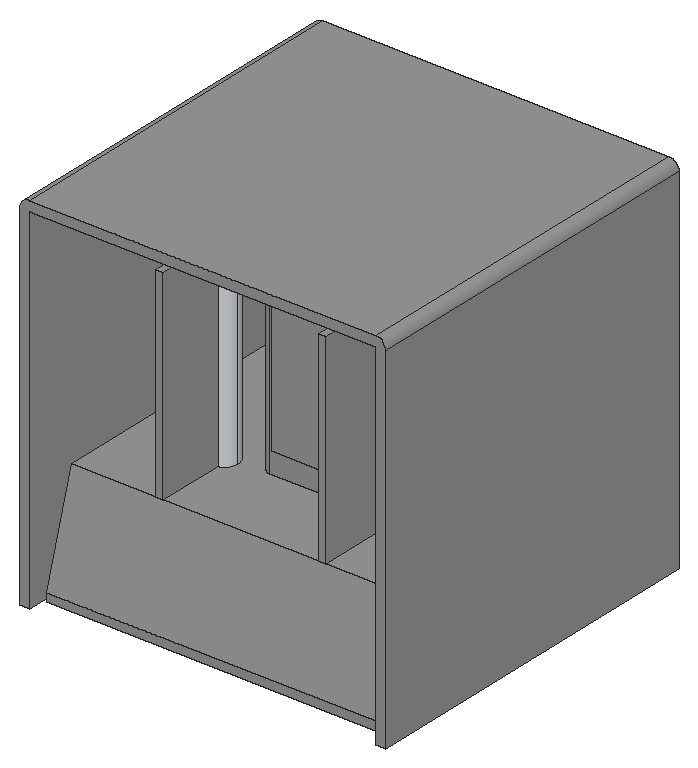
Revit family "0047136", category Lighting Fixtures, host Face, Revit 2018
Family settings
  Host = Face
  Round Connector Dimension = Use Diameter
  Part Type = Normal
  OmniClass Number = 23.80.70.00
  OmniClass Title = Lighting
  Cut with Voids When Loaded = No
  Light Source = Yes
  Shared = No
  Room Calculation Point = No
Parameters (values of type "0047136 ST SRF WLL C IP54 2X140LM 2CCT BLK")
  Width = 108 mm
  Weight = "n/a"
  Wattage Comments = ""
  Wattage = 9.2903 W
  WarrantyStartDate [instance] = "n/a"
  WarrantyGuarantorParts = "n/a"
  WarrantyDurationUnit = "n/a"
  WarrantyDurationParts = ""
  WarrantyDescription = "http://www.sylvania-lighting.com"
  built-in parameter 1150110 = 1 (stored number, unit not read)
  Voltage = 0 V
  URL = "0.66"
  TypeName = "START Surface Wall Cube IP54 2x140lm 2CCT Black"
  Type Image = <None>
  Type Comments = "n/a"
  built-in parameter 1114217 = 1 (stored number, unit not read)
  Tilt Angle = 60.00°
  built-in parameter 1150109 = 1 (stored number, unit not read)
  built-in parameter 1150134 = 3
  built-in parameter 1150113 = 1 (stored number, unit not read)
  SerialNumber [instance] = "n/a"
  Photometric Web File = "0047136.IES"
  Material_3_SYL = none
  PowerFactor = 0
  PowerConsumption = "Lighting"
  NominalLength = 108 mm
  NominalHeight = 0 mm
  NominalDepth = 0 mm
  Name = "START Surface Wall Cube IP54 2x140lm 2CCT Black"
  ModelReference = Name  # "START Surface Wall Cube IP54 2x140lm 2CCT Black"
  ModelNumber = "0047136"
  Model = Name  # "START Surface Wall Cube IP54 2x140lm 2CCT Black"
  Material = "Feilo Sylvania"
  ManufacturerName = "48 lm/W"
  Manufacturer = ""
  LuminousEfficacy = ""
  built-in parameter 1150105 = 109.82 (stored number, unit not read)
  Lumens = 1380 lm
  LuminaireType = "0"
  built-in parameter 1150115 = 1 (stored number, unit not read)
  LightOutputRatio = "LED"
  built-in parameter 1150137 = (empty or 0)
  built-in parameter 1150139 = (empty or 0)
  Length = 108 mm
  LampsType = Lamp  # "n/a"
  LampNominalLuminous = "Not Applicable K"
  LampMacAdamStep = "80"
  LampColourTemperature = "LED"
  LampColourRenderingIndex = "16500"
  built-in parameter 1150112 = 1 (stored number, unit not read)
  built-in parameter 1150114 = 1 (stored number, unit not read)
  Lamp = "n/a"
  Keynote = "n/a"
  InstallationDate [instance] = "n/a"
  InputVoltage = "0"
  InputNominalFrequency = "Not Applicable"
  built-in parameter 1150132 = (empty or 0)
  built-in parameter 1150102 = (empty or 0)
  built-in parameter 1150107 = 3200 (stored number, unit not read)
  built-in parameter 1150138 = (empty or 0)
  IngressProtection = "IfcLightFixtureType"
  ImpactProtectionIndex = "IfcLightFixtureType"
  built-in parameter 1150106 = 1.0982 (stored number, unit not read)
  IfcExportType = "IfcLightFixtureType"
  IfcExportAs = "Class I"
  Height = 108 mm
  Emit from Circle Diameter = 609.6 mm
  Emit Shape Visible in Rendering = no
  ElectricShockClassification = "48"
  built-in parameter 1150104 = 13.8 (stored number, unit not read)
  DocumentationLiterature = "http://www.sylvania-lighting.com/product/en-int/products/0047136"
  DimmingControlOptions = "n/a"
  Material_2_SYL = none
  Dimming Lamp Color Temperature Shift = <None>
  Description = "Exterior adjustable surface wall up and down light luminaire, black aluminium - RAL9005, 280lm, 5.8W, 48lm/W, 3000/4000K switchable CCT, CRI 80, IP54, IK05, 108x108x108mm, Class I"
  Default Elevation = 1219.2 mm
  CreatedOn = "15/07/2022"
  CreatedBy = "@sylvania-lighting.com"
  Cost = 0
  Color Filter = 16777215
  built-in parameter 1114216 [instance] = (empty or 0)
  ClassificationValue = "EF_70_80"
  ClassificationName = "Uniclass2015"
  Material_1_SYL = none
  BarCode [instance] = "n/a"
  built-in parameter 1114218 = 1 (stored number, unit not read)
  built-in parameter 1150133 = 10 (stored number, unit not read)
  AssetType = "Fixed"
  AssetIdentifier [instance] = "n/a"
  Assembly Code = "D5020200"
  Apparent Load = 5.8 VA
  Material_4_SYL = Glass, White, High Luminance
Reference planes
  plane 1 "Center (Front/Back)": y = 0
  plane 2: z = 0
  plane 3 "Center (Left/Right)": x = 0
  plane 4: y = 54
  plane 5: y = -54
  plane 6: x = -54
  plane 7: x = 54
  plane 8: z = 108
  plane 9: z = 105
  plane 10: x = -51
  plane 11: x = 51
  plane 12: y = 49
  plane 13: y = -49
  plane 14: z = 2.5
  plane 15: y = 40
  plane 16: y = -40
  plane 17: z = 32.5
  plane 18: x = -50
  plane 19: x = 50
  plane 20: y = 15
  plane 21: y = -15
  plane 22: x = -18
  plane 23: x = 18
  plane 24: x = -12.5
  plane 25: x = 12.5
  plane 26: z = 92.5
  plane 27: x = -39
  plane 28: x = 39
  plane 29: y = 35
  plane 30: y = -35
  plane 31: z = 39.5
  plane 32: z = 89.5
  plane 33: x = 10
  plane 34: x = -10
  plane 35: x = 24
  plane 36: x = -24
  plane 37: y = 10
  plane 38: x = 25
  plane 39: x = 23
  plane 40: y = 14
  plane 41: x = -25
  plane 42: x = -23
Forms (mm)
  Extrusion 1, solid, material "Aluminum"
    sketch origin (0, 0, 0) x (1, 0, 0) y (0, 0, 1)
      loop
        line (-54, 0) -> (-51, 0) -> (-51, 105) -> (51, 105) -> (51, 0) -> (54, 0) -> (54, 105)
        arc (54, 105) -> (53.121, 107.121) -> (51, 108) r 3
        line (51, 108) -> (-51, 108)
        arc (-51, 108) -> (-53.121, 107.121) -> (-54, 105) r 3
        line (-54, 105) -> (-54, 0)
    from -54 to 54
  Extrusion 2, solid, material "Aluminum"
    sketch origin (319, 1524, 1219.2) x (0, 1, 0) y (0, 0, 1)
      loop
        line (-1475, -1219.2) -> (-1475, -1216.7) -> (-1484, -1186.7) -> (-1564, -1186.7) -> (-1573, -1216.7) -> (-1573, -1219.2) -> (-1475, -1219.2)
    from -369 to -269
  Extrusion 3, solid, material "Aluminum"
    sketch origin (0, 0, 0) x (1, 0, 0) y (0, 1, 0)
      loop
        arc (-13.129, -14.224) -> (-12.427, -14.796) -> (-11.545, -15) r 2.006
        line (-11.545, -15) -> (11.566, -15)
        arc (11.566, -15) -> (12.428, -14.8) -> (13.115, -14.242) r 1.963
        arc (13.115, -14.242) -> (18, -0.01) -> (13.128, 14.226) r 23.205
        arc (13.128, 14.226) -> (12.427, 14.796) -> (11.547, 15) r 2
        line (11.547, 15) -> (-11.557, 15)
        arc (-11.557, 15) -> (-12.428, 14.798) -> (-13.121, 14.234) r 1.981
        arc (-13.121, 14.234) -> (-18, 0.007) -> (-13.129, -14.224) r 23.205
    from 32.5 to 92.5
  Extrusion 4, solid, material "Aluminum"
    sketch origin (0, 0, 0) x (1, 0, 0) y (0, 1, 0)
      loop
        arc (-38.044, 35) -> (-38.72, 34.72) -> (-39, 34.044) r 0.956
        line (-39, 34.044) -> (-39, -34.021)
        arc (-39, -34.021) -> (-38.713, -34.713) -> (-38.021, -35) r 0.979
        line (-38.021, -35) -> (38.04, -35)
        arc (38.04, -35) -> (38.719, -34.719) -> (39, -34.04) r 0.96
        line (39, -34.04) -> (39, 34.048)
        arc (39, 34.048) -> (38.721, 34.721) -> (38.048, 35) r 0.952
        line (38.048, 35) -> (-38.044, 35)
    from 92.5 to 95.5
  Extrusion 5, solid, material "Glass, White, High Luminance"
    sketch origin (0, 0, 0) x (1, 0, 0) y (0, 0, 1)
      loop
        line (-10, 89.5) -> (-10, 39.5) -> (10, 39.5) -> (10, 89.5) -> (-10, 89.5)
    from 15 to 16
  Extrusion 6, solid, material "Glass, White, High Luminance"
    sketch origin (1.276, 31, 0) x (1, 0, 0) y (0, 0, 1)
      loop
        line (-11.276, 89.5) -> (-11.276, 39.5) -> (8.724, 39.5) -> (8.724, 89.5) -> (-11.276, 89.5)
    from 15 to 16
  Extrusion 7, solid, material "Aluminum"
    sketch origin (0, 0, 0) x (1, 0, 0) y (0, 1, 0)
      loop
        line (25, 14) -> (25, 40) -> (23, 40) -> (23, 14) -> (25, 14)
    from 32.5 to 92.5
  Extrusion 8, solid
    sketch origin (0, 0, 0) x (1, 0, 0) y (0, 1, 0)
      loop
        circle (24, 14) r 4
    from 32.5 to 92.5
  Extrusion 9, solid
    sketch origin (-48, 0, 0) x (1, 0, 0) y (0, 1, 0)
      loop
        circle (24, 14) r 4
    from 32.5 to 92.5
  Extrusion 10, solid, material "Aluminum"
    sketch origin (-48, 0, 0) x (1, 0, 0) y (0, 1, 0)
      loop
        line (25, 14) -> (25, 40) -> (23, 40) -> (23, 14) -> (25, 14)
    from 32.5 to 92.5
  Extrusion 11, solid
    sketch origin (-48, -30, 0) x (1, 0, 0) y (0, 1, 0)
      loop
        circle (24, 14) r 4
    from 32.5 to 92.5
  Extrusion 12, solid
    sketch origin (0, -30, 0) x (1, 0, 0) y (0, 1, 0)
      loop
        circle (24, 14) r 4
    from 32.5 to 92.5
  Extrusion 13, solid, material "Aluminum"
    sketch origin (-48.306, -54, 0) x (1, 0, 0) y (0, 1, 0)
      loop
        line (25.306, 14) -> (25.306, 40) -> (23.306, 40) -> (23.306, 14) -> (25.306, 14)
    from 32.5 to 92.5
  Extrusion 14, solid, material "Aluminum"
    sketch origin (-0.306, -54, 0) x (1, 0, 0) y (0, 1, 0)
      loop
        line (25.306, 14) -> (25.306, 40) -> (23.306, 40) -> (23.306, 14) -> (25.306, 14)
    from 32.5 to 92.5
Dimensions and locks
  "Width": plane 4 to plane 5
  equal spacing: plane 4, plane 1 "Center (Front/Back)", plane 5
  equal spacing: plane 6, plane 3 "Center (Left/Right)", plane 7
  "Length": plane 6 to plane 7
  "Height": plane 8 to level
  aligned and locked: plane 2 to host face
  aligned and locked: level to host face
Automatic sketch dimensions
  host sketch curve to host sketch curve = 2438.4 mm  (x2)
  Extrusion 1 sketch curve to level = 0 mm  (x2)
  Extrusion 1 sketch curve to plane 6 = 0 mm
  Extrusion 1 sketch curve to plane 8 = 0 mm
  Extrusion 1 sketch curve to plane 10 = 0 mm  (x2)
  Extrusion 1 sketch curve to plane 9 = 0 mm
  Extrusion 1 sketch curve to plane 11 = 0 mm  (x2)
  Extrusion 1 sketch curve to plane 7 = 0 mm
  Extrusion 2 sketch curve to level = 0 mm
  Extrusion 2 sketch curve to plane 13 = 0 mm
  Extrusion 2 sketch curve to plane 16 = 0 mm
  Extrusion 2 sketch curve to plane 15 = 0 mm
  Extrusion 2 sketch curve to plane 12 = 0 mm
  Extrusion 2 sketch curve to plane 14 = 0 mm  (x2)
  Extrusion 2 sketch curve to plane 17 = 0 mm
  Extrusion 3 sketch curve to plane 20 = 0 mm
  Extrusion 3 sketch curve to plane 21 = 0 mm
  plane 1 "Center (Front/Back)" to Extrusion 3 sketch curve = 0 mm  (x2)
  plane 24 to Extrusion 3 sketch curve = 0.943 mm
  plane 24 to Extrusion 3 sketch curve = 0.955 mm
  plane 34 to Extrusion 3 sketch curve = 4.795 mm
  Extrusion 3 sketch curve to plane 33 = 4.795 mm
  Extrusion 3 sketch curve to plane 25 = 0.953 mm
  Extrusion 3 sketch curve to plane 25 = 0.934 mm
  Extrusion 3 sketch curve to Extrusion 3 sketch curve = 1.963 mm
  Extrusion 3 sketch curve to Extrusion 3 sketch curve = 2.006 mm
  Extrusion 3 sketch curve to plane 40 = 1 mm
  Extrusion 3 sketch curve to plane 40 = 0.981 mm
  Extrusion 3 sketch curve to Extrusion 3 sketch curve = 0 mm  (x2)
  Extrusion 4 sketch curve to plane 27 = 0 mm
  Extrusion 4 sketch curve to plane 29 = 0 mm
  Extrusion 4 sketch curve to plane 30 = 0 mm
  Extrusion 4 sketch curve to plane 28 = 0 mm
  Extrusion 4 sketch curve to Extrusion 4 sketch curve = 0.956 mm
  Extrusion 4 sketch curve to Extrusion 4 sketch curve = 0.979 mm
  Extrusion 4 sketch curve to plane 28 = 0.96 mm
  Extrusion 4 sketch curve to Extrusion 4 sketch curve = 0.952 mm
  Extrusion 5 sketch curve to plane 31 = 0 mm
  Extrusion 5 sketch curve to plane 34 = 0 mm
  Extrusion 5 sketch curve to plane 33 = 0 mm
  Extrusion 5 sketch curve to plane 32 = 0 mm
  Extrusion 6 sketch curve to plane 31 = 0 mm
  Extrusion 6 sketch curve to plane 34 = 0 mm
  Extrusion 6 sketch curve to plane 33 = 0 mm
  Extrusion 6 sketch curve to plane 32 = 0 mm
  Extrusion 7 sketch curve to plane 39 = 0 mm
  plane 15 to Extrusion 7 sketch curve = 0 mm
  Extrusion 7 sketch curve to plane 38 = 0 mm
  Extrusion 7 sketch curve to plane 40 = 0 mm
  Extrusion 8 sketch curve to plane 35 = 0 mm
  Extrusion 8 sketch curve to plane 40 = 0 mm
  Extrusion 9 sketch curve to plane 36 = 0 mm
  Extrusion 9 sketch curve to plane 40 = 0 mm
  Extrusion 10 sketch curve to plane 40 = 0 mm
  Extrusion 10 sketch curve to plane 41 = 0 mm
  plane 15 to Extrusion 10 sketch curve = 0 mm
  Extrusion 10 sketch curve to plane 42 = 0 mm
  Extrusion 11 sketch curve to plane 36 = 0 mm
  Extrusion 11 sketch curve to plane 21 = 1 mm
  Extrusion 12 sketch curve to plane 35 = 0 mm
  Extrusion 12 sketch curve to plane 21 = 1 mm
  plane 16 to Extrusion 13 sketch curve = 0 mm
  Extrusion 13 sketch curve to plane 41 = 0 mm
  Extrusion 13 sketch curve to plane 42 = 0 mm
  plane 21 to Extrusion 13 sketch curve = 1 mm
  plane 16 to Extrusion 14 sketch curve = 0 mm
  Extrusion 14 sketch curve to plane 39 = 0 mm
  Extrusion 14 sketch curve to plane 38 = 0 mm
  plane 21 to Extrusion 14 sketch curve = 1 mm
  radius of Extrusion 8 sketch curve = 4 mm
  radius of Extrusion 9 sketch curve = 4 mm
  radius of Extrusion 11 sketch curve = 4 mm
  radius of Extrusion 12 sketch curve = 4 mm
Connectors
  electrical at (0, 0, 0), driven by "Apparent Load", driven by "PowerFactor", driven by "Voltage"
    settings: index 1, voltage 0 V, apparent load 5.8 VA, apparent load phase1 0 VA, apparent load phase2 0 VA, apparent load phase3 0 VA, power factor 0, load classification "Lighting", number of poles 1, system type 30, power factor state 1, is connector primary yes, connector utility no, sub classification motor no, connector description ""
